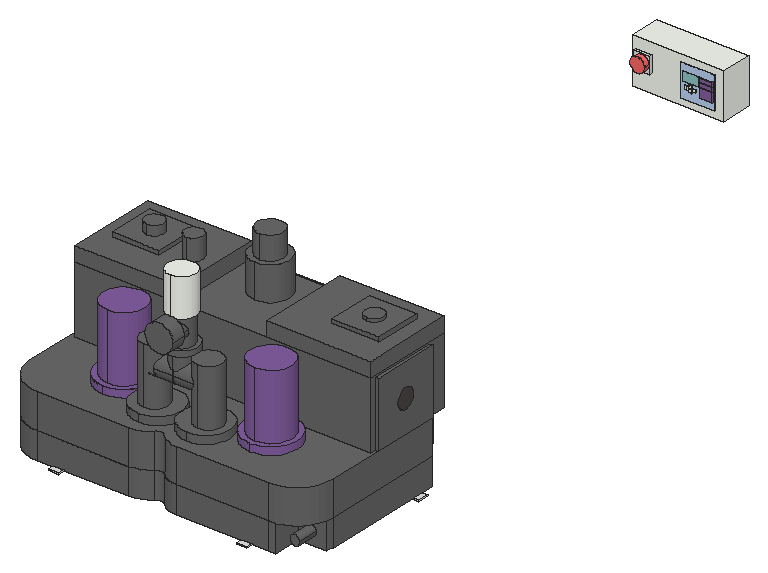
Revit family "11111", category Generic Models, Revit 2021
Family settings
  Can host rebar = No
  Round Connector Dimension = Use Diameter
  Part Type = Normal
  Work Plane-Based = No
  Always vertical = Yes
  Cut with Voids When Loaded = No
  Shared = Yes
  Room Calculation Point = No
Parameters (values of type "11111")
  SUPPLIER = "KESSEL"
  SA700ID49 = "Protection Class I"
  SA700ID48 = "no"
  SA700ID47 = "no"
  SA700ID46 = "yes"
  SA700ID37 = 16000 mm
  SA700ID34 = 47
  SA700ID33 = 3.2 W
  SA700ID32 = 113.59 kg
  SA700ID31 = 1
  SA700ID30 = 2
  SA700ID29 = "GLRD"
  SA700ID21 = 1600
  SA700ID10 = "yes"
  SA700ID08 = 400 V
  PROCUREWEBLINK = "https://p.caden.as/kessel/11111"
  PROCURELINK = "p.caden.as/kessel/11111"
  PROCUREDATALASTUPDATE = "2024-05-22T12:17:46.915503259+01:00"
  PREVIEW = "../../_pool_/b8/24/11111.png"
  PRC_SPECIFICATIONLINK = "https://ausschreiben.de/catalog/kessel/catalogItem/e57fd0fe-626d-4899-b113-3919aff8d454"
  NN = "Lifting station Aqualift F XL"
  NBSYN = "$SA810ID03."
  NB = "11111"
  Model = "11111"
  Manufacturer = "KESSEL"
  MIdent = "{$CADENAS_DATA/23d-libs/kessel/kessel_vdi_import/4/entwaesserung/hebeanlage20aqualift20f20xl.prj},201 {STYP=ASS},{VTYP=3D},{NB=11111},{LINA=11111},{NN=Lifting station Aqualift F XL},{DATE=21.11.2022 10:48:11},{GEOMDATE=21.11.2022 10:48:11},{VERSION=},{LINEID=440},{WBVAR=LODLEVEL},{WBNUMERIC=LODLEVEL}  {NB=11111},{LINA=11111},{KT=DUMMY},{PREVIEW=../../_pool_/b8/24/11111.png},{SA700ID04=Hebeanlage Aqualift F XL 300 l, Duo, SPF 3000-S1, Schieber},{SA810ID06=04026092057780},{SA700ID34=47.00},{SA010ID03=201805},{SA810ID03=11111},{SA810ID10=Aqualift F XL 3000W-S1 Duo 300L m.S.KESSEL Aqualift F XL Hebeanlage für fäkalienhaltiges und fäkalienfreies Abwasser. Zur Aufstellung in frostgeschützten Räumen.Duoanlage mit zwei Pumpen des Typs SPF 3000-S1 Sammelbehälter aus Polyethylen, mit verschraubter Reinigungsöffnung,Anschlussstutzen für Zulauf von oben DN100/150.Inklusive Tauchrohr zur pneumatischen Niveauerfassung,Entlüftungsanschluss DN 70 und Anschluss für eine Handmembranpumpe DN 32.Behälter inklusive Haltewinkel zur Auftriebssicherung.Behältervolumen 300 Liter, max. Nutzvolumen bei Zulauf von oben ca. 175 Liter.Zwei seitliche und drei rückseitige Anbohrflächen zur Montage weiterer Zuläufe bis DN 200 unter Verwendung von Durchgangsdichtungen.Inklusive KESSEL Schaltgerät Aqualift Comfort 400 V.Anwenderfreundliche Menüführung im mehrzeiligem Display. MitSelbstdiagnosesystem (SDS) und Erinnerungsfunktion für nächste Wartung.Anzeige der aktuellen Messwerte. Einfache Einstellung derfunktionsrelevanten Parameter, inklusive Betriebsstundenzähler und potentialfreiem Kontakt. Optionale Weiterleitung von Alarm- und Sammelstörmeldung über GSM Schnittstelle.Schaltgerät mit Volltextanzeige in sechs Sprachen.Abwasserpumpe(n) mit Freistromrad zur Förderung von fäkalienfreiem und fäkalienhaltigem Abwasser gemäß DIN EN 12050-1. Freier Kugeldurchgang mindestens 40 mm. Pumpe(n) überflutungssicher.Inklusive Rückflussverhinderer, mit Druckabgang aus Kunststoff DN 100. Inklusive Absperrschieber.Pumpe(n) Typ SPF 3000-S1Fördermenge: max. 47 m³/hFörderhöhe: max. 16 mNennleistung (P2): 2,7 KW je PumpeAufnahmeleistung (P1): 3,2 KW je PumpeBetriebsspannung: 400 V DSNennfrequenz: 50 HzNennstrom: 5,4 AAbsicherung: 3 x 16 A trägeSchutzart (Pumpe): IP68 3mWS/48hSchutzart (Schaltgerät): IP 65Bertiebsart: S1Kabellänge: 5 mAußenmaße Anlage mit 300 Liter Behälter (BxTxH): 1260 x 760 x 770 mmGewicht ca. 113,59 kg},{SA700ID37=16.00},{SA700ID33=3.20},{SA700ID08=400},{SA700ID30=2},{SA700ID32=113.59},{SA700ID49=Schutzklasse I},{SA700ID50=intern},{SA200ID03=6},{SA250ID03=vertikal},{SA260ID03=Trockenläuferpumpe},{SA350ID03=normalansaugend},{SA400ID03=E-Motor für Drehstrom},{SA460ID03=direkt},{SA500ID03=Kunststoff, Edelstahl},{SA700ID06=100},{SA700ID07=100},{SA700ID09=3/N/PE 400V},{SA700ID10=Ja},{SA700ID11=50},{SA700ID12=IP 68},{SA700ID13=F},{SA700ID15=40},{SA700ID21=1600.00},{SA700ID22=2.70},{SA700ID23=2890},{SA700ID24=2890},{SA700ID26=5.40},{SA700ID27=41.00},{SA700ID28=durchgehend},{SA700ID29=GLRD},{SA700ID31=1},{SA700ID46=ja},{SA700ID47=nein},{SA700ID48=nein},{SA110ID04=Hebeanlage Aqualift F XL},{SA300ID03=einstufig},{SA700ID44=10.00},{SA700ID45=10.00},{SA010ID04=KESSEL AG},{LODLEVEL=200},{LINK=https://www.kessel.de/info?han=11111},{SA970ID01=970},{SA970ID02=7185},{SA970ID03=11111},{SA970ID04=11002617},{SA970ID05=QUAD},{SA970ID06=-655.51},{SA970ID07=-635.99},{SA970ID08=0},{SA970ID09=1},{SA970ID10=0},{SA970ID11=0},{SA970ID12=0},{SA970ID13=1},{SA970ID14=0},{SA970ID15=1311.02},{SA970ID16=785.99},{SA970ID17=818.99},{LODLEVEL_=200,'Low'},{LODLEVEL_DEU=200,'Low'},{LINK_=https://www.kessel.de/info?han=11111},{LINK_DEU=https://www.kessel.de/info?han=11111},{LODLEVEL_3DB=11111_200},{DNIN1=100},{DNIN2=70},{DNIN4=10},{DNIN5=10},{DNIN6=50},{DNIN7=50},{DNIN8=50},{DNIN9=50},{DNOUT1=32},{DNOUT2=100},{DNOUT3=70},{ISD1=96},{ISD2=10},{ISDOUT1=40},{ISDOUT2=85},{ISDOUT3=60},{SA010ID01=010},{SA010ID02=4},{SA010ID06=www.kessel.de},{SA010ID07=www.kessel.de},{SA010ID12=20180713},{SA010ID13=DEU},{SA010ID14=DE},{SA100ID01=100},{SA100ID02=4},{SA100ID04=Entwässerung},{SA110ID01=110},{SA110ID02=6},{SA200ID01=200},{SA200ID02=6},{SA250ID01=250},{SA250ID02=2},{SA260ID01=260},{SA260ID02=2},{SA300ID01=300},{SA300ID02=1},{SA350ID01=350},{SA350ID02=1},{SA400ID01=400},{SA400ID02=2},{SA460ID01=460},{SA460ID02=1},{SA500ID01=500},{SA500ID02=1},{SA700ID01=700},{SA700ID02=78},{SA700ID10_=1},{SA700ID16=0},{SA700ID25=0},{SA700ID46_=1},{SA700ID47_=0},{SA700ID48_=0},{SA700ID49_=1},{SA700ID50_=2},{SA800ID01=800},{SA800ID02=42},{SA810ID01=810},{SA810ID02=78},{SA810ID04=11111},{SA810ID07=78},{SA810ID09=1},{SA810ID14=PCE},{SA810ID15=1},{SA810ID16=NMP},{SA960ID03=78},{SA960ID04=3L},{SA960ID08=https://www.kessel.de/info?han=11111},{SA010ID08=4026092000007},{SA100ID05=Hebeanlage},{SA110ID06=Hebeanlage}"
  LINK = "https://www.kessel.de/info?han=11111"
  LINA = "11111"
  Default Elevation = 0 mm
  CREATOR = "CADENAS GmbH"
  CATALOG = "KESSEL"
  BOMINFO = "LINA"
  ARTICLENO = "NB"
  4.810.00.9 Order quantity (multiplicator) = "1"
  4.810.00.7 Media- connection number = "78"
  4.810.00.6 GTIN number = "04026092057780"
  4.810.00.4 DATANORM number = "11111"
  4.810.00.3 Producer order number = "11111"
  4.710.03.7 Mass (net) = 113.59 kg
  4.710.03.6 Height = 806 mm
  4.710.03.5 Width = 760 mm
  4.710.03.4 Length = 1260 mm
  4.710.03.3 Type of dimensions = "2"
  4.710.02.8 Area of application of wastewater pump = "1"
  4.710.02.6 Duty type = "S1"
  4.710.02.5 Cutting device = "0"
  4.710.02.4 Attached pump control = "1"
  4.710.02.3 Free passage = 40 mm
  4.710.01.6 Option to connect to building automation = "40"
  4.710.01.5 Load regulation = "0"
  4.710.01.4 Designation of closed-loop control = "175"
  4.710.01.3 Identifier for closed-loop control = "300"
  4.700.00.9 Voltage = 0
  4.700.00.8 Nominal connection size on suction side = "100"
  4.700.00.7 Nominal connection size on pressure side = "100"
  4.700.00.6 Type of connection = "100"
  4.700.00.4 Product indentification = "Hebeanlage Aqualift F XL 300 l, Duo, SPF 3000-S1, Schieber"
  4.700.00.28 Motor pump shaft = "durchgehend"
  4.700.00.27 Starting current = 41
  4.700.00.26 Maximum power consumption per pump / drive = 5.4
  4.700.00.25 Minimum speed at internal speed adjustment = 0
  4.700.00.24 Nominal speed / maximum speed n = 48.1667
  4.700.00.23 Nominal speed of motor = 48.1667
  4.700.00.22 Maximum shaft output (P2) per pump/drive = 2.7 W
  4.700.00.16 Maximum temperature of pumped medium = 0 °C
  4.700.00.15 Increased safety class = "40 °C"
  4.700.00.13 Type of protection = "F"
  4.700.00.12 Frequency = 0
  4.700.00.11 Stern-/Dreieck-Anlaufschaltung bei Dreiphasenanschluss oder Drehstrom = "50 Hz"
  4.700.00.10 Phase = "1"
  4.500.00.3 Variant / Variant type / Accessories-name = "Kunststoff, Edelstahl"
  4.460.00.3 Variant / Variant type / Accessories-name = "direkt"
  4.400.00.3 Variant / Variant type / Accessories-name = "E-Motor für Drehstrom"
  4.350.00.3 Variant / Variant type / Accessories-name = "normalansaugend"
  4.300.00.3 Variant / Variant type / Accessories-name = "einstufig"
  4.260.00.3 Variant / Variant type / Accessories-name = "Trockenläuferpumpe"
  4.250.00.3 Variant / Variant type / Accessories-name = "vertikal"
  4.200.00.3 Variant / Variant type / Accessories-name = "6"
  4.110.00.6 Product classification = "Hebeanlage"
  4.110.00.4 Product indentification = "Hebeanlage Aqualift F XL"
  4.100.00.5 Main groups of wares = "Hebeanlage"
  4.100.00.4 Product indentification = "Entwässerung"
  4.010.00.8 Producer ID number = "4026092000007"
  4.010.00.7 Comment = "www.kessel.de"
  4.010.00.6 Web address of the manufacturer = "www.kessel.de"
  4.010.00.4 Manufacturer name = "KESSEL AG"
  4.010.00.3 Date of issuance (month) of guideline = "201805"
  4.010.00.2 Sheet number of the guideline = "4"
  4.010.00.14 Kennungen der Projektländer, für die die Datei gültig ist = "DE"
  4.010.00.13 Sprache der Datei = "DEU"
  4.010.00.12 Stand des Herstellerkatalogs = "20180713"
Reference planes
  plane 1 "Center (Front/Back)": y = 0
  plane 2: z = 0
  plane 3 "Center (Left/Right)": x = 0
Dimensions and locks
  aligned and locked: level to plane 2
Nested families
  nested 1: "11111_content" at (0, 0, 0), type "11111_Content"
  nested 2: "11111_part1_X0Y0" at (1000, 1000, 1200), type "11111_PART1_X0Y0"
  nested 3: "11111_part2_X0Y0" at (0, 0, 0), type "11111_PART2_X0Y0"
Connectors
  electrical at (861, 933, 1201.5)
    settings: on nested 2, index 1, voltage 0 V, apparent load 0 VA, apparent load phase1 0 VA, apparent load phase2 0 VA, apparent load phase3 0 VA, power factor 1, load classification "Other", number of poles 1, system type 31, power factor state 1, is connector primary yes, connector utility no, sub classification motor no, connector description ""
  piping at (0, 0, 771), diameter 100
    settings: on nested 3, index 2, connector inside diameter 609.6 mm, connector length 0 mm, flow factor 0, pipe flow 0.0 L/s, pressure drop 0.0 Pa, fitting loss kfactor 0, connector angle 0.00°, fixture units 0, engagement length 0 mm, angle of deflection 0.00°, flow configuration 0, flow direction 1, fitting loss method 2, system type 8, joint type 0, gender type 0, connector reference index -1, connector utility 0, adjustable connector no, is connector primary yes, connector description ""
  piping at (631, -85, 392), diameter 70
    settings: on nested 3, index 3, connector inside diameter 609.6 mm, connector length 0 mm, flow factor 0, pipe flow 0.0 L/s, pressure drop 0.0 Pa, fitting loss kfactor 0, connector angle 0.00°, fixture units 0, engagement length 0 mm, angle of deflection 0.00°, flow configuration 0, flow direction 0, fitting loss method 2, system type 8, joint type 0, gender type 0, connector reference index -1, connector utility 0, adjustable connector no, is connector primary no, connector description ""
  piping at (358.7, 150.5, 392), diameter 70
    settings: on nested 3, index 4, connector inside diameter 609.6 mm, connector length 0 mm, flow factor 0, pipe flow 0.0 L/s, pressure drop 0.0 Pa, fitting loss kfactor 0, connector angle 0.00°, fixture units 0, engagement length 0 mm, angle of deflection 0.00°, flow configuration 0, flow direction 0, fitting loss method 2, system type 8, joint type 0, gender type 0, connector reference index -1, connector utility 0, adjustable connector no, is connector primary no, connector description ""
  piping at (0, 150.5, 392), diameter 70
    settings: on nested 3, index 5, connector inside diameter 609.6 mm, connector length 0 mm, flow factor 0, pipe flow 0.0 L/s, pressure drop 0.0 Pa, fitting loss kfactor 0, connector angle 0.00°, fixture units 0, engagement length 0 mm, angle of deflection 0.00°, flow configuration 0, flow direction 0, fitting loss method 2, system type 8, joint type 0, gender type 0, connector reference index -1, connector utility 0, adjustable connector no, is connector primary no, connector description ""
  piping at (-357.7, 150.5, 392), diameter 70
    settings: on nested 3, index 6, connector inside diameter 609.6 mm, connector length 0 mm, flow factor 0, pipe flow 0.0 L/s, pressure drop 0.0 Pa, fitting loss kfactor 0, connector angle 0.00°, fixture units 0, engagement length 0 mm, angle of deflection 0.00°, flow configuration 0, flow direction 0, fitting loss method 2, system type 8, joint type 0, gender type 0, connector reference index -1, connector utility 0, adjustable connector no, is connector primary no, connector description ""
  piping at (-630, -85, 392), diameter 70
    settings: on nested 3, index 7, connector inside diameter 609.6 mm, connector length 0 mm, flow factor 0, pipe flow 0.0 L/s, pressure drop 0.0 Pa, fitting loss kfactor 0, connector angle 0.00°, fixture units 0, engagement length 0 mm, angle of deflection 0.00°, flow configuration 0, flow direction 0, fitting loss method 2, system type 8, joint type 0, gender type 0, connector reference index -1, connector utility 0, adjustable connector no, is connector primary no, connector description ""
  piping at (0, -578, 611), diameter 100
    settings: on nested 3, index 8, connector inside diameter 609.6 mm, connector length 0 mm, flow factor 0, pipe flow 0.0 L/s, pressure drop 0.0 Pa, fitting loss kfactor 0, connector angle 0.00°, fixture units 0, engagement length 0 mm, angle of deflection 0.00°, flow configuration 0, flow direction 2, fitting loss method 2, system type 7, joint type 0, gender type 0, connector reference index -1, connector utility 0, adjustable connector no, is connector primary no, connector description ""
  piping at (-269.5, -60, 681), diameter 70
    settings: on nested 3, index 9, connector inside diameter 609.6 mm, connector length 0 mm, flow factor 0, pipe flow 0.0 L/s, pressure drop 0.0 Pa, fitting loss kfactor 0, connector angle 0.00°, fixture units 0, engagement length 0 mm, angle of deflection 0.00°, flow configuration 0, flow direction 2, fitting loss method 2, system type 7, joint type 0, gender type 0, connector reference index -1, connector utility 0, adjustable connector no, is connector primary no, connector description ""
  piping at (565, -575.5, 56), diameter 32
    settings: on nested 3, index 10, connector inside diameter 609.6 mm, connector length 0 mm, flow factor 0, pipe flow 0.0 L/s, pressure drop 0.0 Pa, fitting loss kfactor 0, connector angle 0.00°, fixture units 0, engagement length 0 mm, angle of deflection 0.00°, flow configuration 0, flow direction 2, fitting loss method 2, system type 7, joint type 0, gender type 0, connector reference index -1, connector utility 0, adjustable connector no, is connector primary no, connector description ""
  electrical at (305.4, -376.25, 557)
    settings: on nested 3, index 11, voltage 0 V, apparent load 0 VA, apparent load phase1 0 VA, apparent load phase2 0 VA, apparent load phase3 0 VA, power factor 1, load classification "Other", number of poles 1, system type 31, power factor state 1, is connector primary no, connector utility no, sub classification motor no, connector description ""
  electrical at (-305.4, -376.25, 557)
    settings: on nested 3, index 12, voltage 0 V, apparent load 0 VA, apparent load phase1 0 VA, apparent load phase2 0 VA, apparent load phase3 0 VA, power factor 1, load classification "Other", number of poles 1, system type 31, power factor state 1, is connector primary no, connector utility no, sub classification motor no, connector description ""
  electrical at (-457, -29.5, 650)
    settings: on nested 3, index 13, voltage 0 V, apparent load 0 VA, apparent load phase1 0 VA, apparent load phase2 0 VA, apparent load phase3 0 VA, power factor 1, load classification "Other", number of poles 1, system type 31, power factor state 1, is connector primary no, connector utility no, sub classification motor no, connector description ""
Definition of nested family "11111_part1_X0Y0"
  Parameters (values of type "11111_PART1_X0Y0")
    SUPPLIER = "KESSEL"
    SA700ID49 = "Protection Class I"
    SA700ID48 = "no"
    SA700ID47 = "no"
    SA700ID46 = "yes"
    SA700ID37 = 16000 mm
    SA700ID34 = 47
    SA700ID33 = 3.2 W
    SA700ID32 = 113.59 kg
    SA700ID31 = 1
    SA700ID30 = 2
    SA700ID29 = "GLRD"
    SA700ID21 = 1600
    SA700ID10 = "yes"
    SA700ID08 = 400 V
    PREVIEW = "../../_pool_/b8/24/11111.png"
    NBSYN = "$SA810ID03._PART1"
    NB = "11111_PART1"
    Model = "11111_PART1"
    Manufacturer = "KESSEL"
    MIdent = "{$CADENAS_DATA/23d-libs/kessel/kessel_vdi_import/4/entwaesserung/hebeanlage20aqualift20f20xl.prj},221 {VTYP=3D},{NB=11111_PART1},{LINA=11111_PART1},{NN=Lifting station Aqualift F XL_PART1},{NOPRJ=TRUE},{DATE=21.11.2022 10:48:11},{GEOMDATE=21.11.2022 10:48:11},{VERSION=},{LINEID=440},{WBVAR=LODLEVEL},{WBNUMERIC=LODLEVEL}  {NB=11111_PART1},{LINA=11111_PART1},{KT=DUMMY},{PREVIEW=../../_pool_/b8/24/11111.png},{SA700ID04=Hebeanlage Aqualift F XL 300 l, Duo, SPF 3000-S1, Schieber},{SA810ID06=04026092057780},{SA700ID34=47.00},{SA010ID03=201805},{SA810ID03=11111},{SA810ID10=Aqualift F XL 3000W-S1 Duo 300L m.S.KESSEL Aqualift F XL Hebeanlage für fäkalienhaltiges und fäkalienfreies Abwasser. Zur Aufstellung in frostgeschützten Räumen.Duoanlage mit zwei Pumpen des Typs SPF 3000-S1 Sammelbehälter aus Polyethylen, mit verschraubter Reinigungsöffnung,Anschlussstutzen für Zulauf von oben DN100/150.Inklusive Tauchrohr zur pneumatischen Niveauerfassung,Entlüftungsanschluss DN 70 und Anschluss für eine Handmembranpumpe DN 32.Behälter inklusive Haltewinkel zur Auftriebssicherung.Behältervolumen 300 Liter, max. Nutzvolumen bei Zulauf von oben ca. 175 Liter.Zwei seitliche und drei rückseitige Anbohrflächen zur Montage weiterer Zuläufe bis DN 200 unter Verwendung von Durchgangsdichtungen.Inklusive KESSEL Schaltgerät Aqualift Comfort 400 V.Anwenderfreundliche Menüführung im mehrzeiligem Display. MitSelbstdiagnosesystem (SDS) und Erinnerungsfunktion für nächste Wartung.Anzeige der aktuellen Messwerte. Einfache Einstellung derfunktionsrelevanten Parameter, inklusive Betriebsstundenzähler und potentialfreiem Kontakt. Optionale Weiterleitung von Alarm- und Sammelstörmeldung über GSM Schnittstelle.Schaltgerät mit Volltextanzeige in sechs Sprachen.Abwasserpumpe(n) mit Freistromrad zur Förderung von fäkalienfreiem und fäkalienhaltigem Abwasser gemäß DIN EN 12050-1. Freier Kugeldurchgang mindestens 40 mm. Pumpe(n) überflutungssicher.Inklusive Rückflussverhinderer, mit Druckabgang aus Kunststoff DN 100. Inklusive Absperrschieber.Pumpe(n) Typ SPF 3000-S1Fördermenge: max. 47 m³/hFörderhöhe: max. 16 mNennleistung (P2): 2,7 KW je PumpeAufnahmeleistung (P1): 3,2 KW je PumpeBetriebsspannung: 400 V DSNennfrequenz: 50 HzNennstrom: 5,4 AAbsicherung: 3 x 16 A trägeSchutzart (Pumpe): IP68 3mWS/48hSchutzart (Schaltgerät): IP 65Bertiebsart: S1Kabellänge: 5 mAußenmaße Anlage mit 300 Liter Behälter (BxTxH): 1260 x 760 x 770 mmGewicht ca. 113,59 kg},{SA700ID37=16.00},{SA700ID33=3.20},{SA700ID08=400},{SA700ID30=2},{SA700ID32=113.59},{SA700ID49=Schutzklasse I},{SA700ID50=intern},{SA200ID03=6},{SA250ID03=vertikal},{SA260ID03=Trockenläuferpumpe},{SA350ID03=normalansaugend},{SA400ID03=E-Motor für Drehstrom},{SA460ID03=direkt},{SA500ID03=Kunststoff, Edelstahl},{SA700ID06=100},{SA700ID07=100},{SA700ID09=3/N/PE 400V},{SA700ID10=Ja},{SA700ID11=50},{SA700ID12=IP 68},{SA700ID13=F},{SA700ID15=40},{SA700ID21=1600.00},{SA700ID22=2.70},{SA700ID23=2890},{SA700ID24=2890},{SA700ID26=5.40},{SA700ID27=41.00},{SA700ID28=durchgehend},{SA700ID29=GLRD},{SA700ID31=1},{SA700ID46=ja},{SA700ID47=nein},{SA700ID48=nein},{SA110ID04=Hebeanlage Aqualift F XL},{SA300ID03=einstufig},{SA700ID44=10.00},{SA700ID45=10.00},{SA010ID04=KESSEL AG},{LODLEVEL=200},{LINK=https://www.kessel.de/info?han=11111},{SA970ID01=970},{SA970ID02=7185},{SA970ID03=11111},{SA970ID04=11002617},{SA970ID05=QUAD},{SA970ID06=-655.51},{SA970ID07=-635.99},{SA970ID08=0},{SA970ID09=1},{SA970ID10=0},{SA970ID11=0},{SA970ID12=0},{SA970ID13=1},{SA970ID14=0},{SA970ID15=1311.02},{SA970ID16=785.99},{SA970ID17=818.99},{LODLEVEL_=200,'Low'},{LODLEVEL_DEU=200,'Low'},{LINK_=https://www.kessel.de/info?han=11111},{LINK_DEU=https://www.kessel.de/info?han=11111},{LODLEVEL_3DB=11111_200},{DNIN1=100},{DNIN2=70},{DNIN4=10},{DNIN5=10},{DNIN6=50},{DNIN7=50},{DNIN8=50},{DNIN9=50},{DNOUT1=32},{DNOUT2=100},{DNOUT3=70},{ISD1=96},{ISD2=10},{ISDOUT1=40},{ISDOUT2=85},{ISDOUT3=60},{SA010ID01=010},{SA010ID02=4},{SA010ID06=www.kessel.de},{SA010ID07=www.kessel.de},{SA010ID12=20180713},{SA010ID13=DEU},{SA010ID14=DE},{SA100ID01=100},{SA100ID02=4},{SA100ID04=Entwässerung},{SA110ID01=110},{SA110ID02=6},{SA200ID01=200},{SA200ID02=6},{SA250ID01=250},{SA250ID02=2},{SA260ID01=260},{SA260ID02=2},{SA300ID01=300},{SA300ID02=1},{SA350ID01=350},{SA350ID02=1},{SA400ID01=400},{SA400ID02=2},{SA460ID01=460},{SA460ID02=1},{SA500ID01=500},{SA500ID02=1},{SA700ID01=700},{SA700ID02=78},{SA700ID10_=1},{SA700ID16=0},{SA700ID25=0},{SA700ID46_=1},{SA700ID47_=0},{SA700ID48_=0},{SA700ID49_=1},{SA700ID50_=2},{SA800ID01=800},{SA800ID02=42},{SA810ID01=810},{SA810ID02=78},{SA810ID04=11111},{SA810ID07=78},{SA810ID09=1},{SA810ID14=PCE},{SA810ID15=1},{SA810ID16=NMP},{SA960ID03=78},{SA960ID04=3L},{SA960ID08=https://www.kessel.de/info?han=11111},{SA010ID08=4026092000007},{SA100ID05=Hebeanlage},{SA110ID06=Hebeanlage}"
    LINK = "https://www.kessel.de/info?han=11111"
    LINA = "11111_PART1"
    Default Elevation = 1219.2 mm
    CREATOR = "CADENAS GmbH"
    CATALOG = "KESSEL"
    BOMINFO = "LINA"
    ARTICLENO = "NB"
    4.810.00.9 Order quantity (multiplicator) = "1"
    4.810.00.7 Media- connection number = "78"
    4.810.00.6 GTIN number = "04026092057780"
    4.810.00.4 DATANORM number = "11111"
    4.810.00.3 Producer order number = "11111"
    4.710.03.7 Mass (net) = 113.59 kg
    4.710.03.6 Height = 806 mm
    4.710.03.5 Width = 760 mm
    4.710.03.4 Length = 1260 mm
    4.710.03.3 Type of dimensions = "2"
    4.710.02.8 Area of application of wastewater pump = "1"
    4.710.02.6 Duty type = "S1"
    4.710.02.5 Cutting device = "0"
    4.710.02.4 Attached pump control = "1"
    4.710.02.3 Free passage = 40 mm
    4.710.01.6 Option to connect to building automation = "40"
    4.710.01.5 Load regulation = "0"
    4.710.01.4 Designation of closed-loop control = "175"
    4.710.01.3 Identifier for closed-loop control = "300"
    4.700.00.9 Voltage = 0
    4.700.00.8 Nominal connection size on suction side = "100"
    4.700.00.7 Nominal connection size on pressure side = "100"
    4.700.00.6 Type of connection = "100"
    4.700.00.4 Product indentification = "Hebeanlage Aqualift F XL 300 l, Duo, SPF 3000-S1, Schieber"
    4.700.00.28 Motor pump shaft = "durchgehend"
    4.700.00.27 Starting current = 41
    4.700.00.26 Maximum power consumption per pump / drive = 5.4
    4.700.00.25 Minimum speed at internal speed adjustment = 0
    4.700.00.24 Nominal speed / maximum speed n = 48.1667
    4.700.00.23 Nominal speed of motor = 48.1667
    4.700.00.22 Maximum shaft output (P2) per pump/drive = 2.7 W
    4.700.00.16 Maximum temperature of pumped medium = 0 °C
    4.700.00.15 Increased safety class = "40 °C"
    4.700.00.13 Type of protection = "F"
    4.700.00.12 Frequency = 0
    4.700.00.11 Stern-/Dreieck-Anlaufschaltung bei Dreiphasenanschluss oder Drehstrom = "50 Hz"
    4.700.00.10 Phase = "1"
    4.500.00.3 Variant / Variant type / Accessories-name = "Kunststoff, Edelstahl"
    4.460.00.3 Variant / Variant type / Accessories-name = "direkt"
    4.400.00.3 Variant / Variant type / Accessories-name = "E-Motor für Drehstrom"
    4.350.00.3 Variant / Variant type / Accessories-name = "normalansaugend"
    4.300.00.3 Variant / Variant type / Accessories-name = "einstufig"
    4.260.00.3 Variant / Variant type / Accessories-name = "Trockenläuferpumpe"
    4.250.00.3 Variant / Variant type / Accessories-name = "vertikal"
    4.200.00.3 Variant / Variant type / Accessories-name = "6"
    4.110.00.6 Product classification = "Hebeanlage"
    4.110.00.4 Product indentification = "Hebeanlage Aqualift F XL"
    4.100.00.5 Main groups of wares = "Hebeanlage"
    4.100.00.4 Product indentification = "Entwässerung"
    4.010.00.8 Producer ID number = "4026092000007"
    4.010.00.7 Comment = "www.kessel.de"
    4.010.00.6 Web address of the manufacturer = "www.kessel.de"
    4.010.00.4 Manufacturer name = "KESSEL AG"
    4.010.00.3 Date of issuance (month) of guideline = "201805"
    4.010.00.2 Sheet number of the guideline = "4"
    4.010.00.14 Kennungen der Projektländer, für die die Datei gültig ist = "DE"
    4.010.00.13 Sprache der Datei = "DEU"
    4.010.00.12 Stand des Herstellerkatalogs = "20180713"
  Reference planes
    plane 1 "Center (Front/Back)": y = 0
    plane 2: z = 0
    plane 3 "Center (Left/Right)": x = 0
  Dimensions and locks
    aligned and locked: level to plane 2
  Nested families
    nested 1: "11111_part1_content" at (0, 0, 0), type "11111_PART1_Content"
  Definition of nested family "11111_part1_content"
    Parameters (values of type "11111_PART1_Content")
      SUPPLIER = "KESSEL"
      SA700ID49 = "Protection Class I"
      SA700ID48 = "no"
      SA700ID47 = "no"
      SA700ID46 = "yes"
      SA700ID37 = 16000 mm
      SA700ID34 = 47
      SA700ID33 = 3.2 W
      SA700ID32 = 113.59 kg
      SA700ID31 = 1
      SA700ID30 = 2
      SA700ID29 = "GLRD"
      SA700ID21 = 1600
      SA700ID10 = "yes"
      SA700ID08 = 400 V
      PREVIEW = "../../_pool_/b8/24/11111.png"
      NBSYN = "$SA810ID03._PART1"
      NB = "11111_PART1"
      Model = "11111_PART1"
      Manufacturer = "KESSEL"
      LINK = "https://www.kessel.de/info?han=11111"
      LINA = "11111_PART1"
      Default Elevation = 1219.2 mm
      CREATOR = "CADENAS GmbH"
      CATALOG = "KESSEL"
      BOMINFO = "LINA"
      ARTICLENO = "NB"
      4.810.00.9 Order quantity (multiplicator) = "1"
      4.810.00.7 Media- connection number = "78"
      4.810.00.6 GTIN number = "04026092057780"
      4.810.00.4 DATANORM number = "11111"
      4.810.00.3 Producer order number = "11111"
      4.710.03.7 Mass (net) = 113.59 kg
      4.710.03.6 Height = 806 mm
      4.710.03.5 Width = 760 mm
      4.710.03.4 Length = 1260 mm
      4.710.03.3 Type of dimensions = "2"
      4.710.02.8 Area of application of wastewater pump = "1"
      4.710.02.6 Duty type = "S1"
      4.710.02.5 Cutting device = "0"
      4.710.02.4 Attached pump control = "1"
      4.710.02.3 Free passage = 40 mm
      4.710.01.6 Option to connect to building automation = "40"
      4.710.01.5 Load regulation = "0"
      4.710.01.4 Designation of closed-loop control = "175"
      4.710.01.3 Identifier for closed-loop control = "300"
      4.700.00.9 Voltage = 0
      4.700.00.8 Nominal connection size on suction side = "100"
      4.700.00.7 Nominal connection size on pressure side = "100"
      4.700.00.6 Type of connection = "100"
      4.700.00.4 Product indentification = "Hebeanlage Aqualift F XL 300 l, Duo, SPF 3000-S1, Schieber"
      4.700.00.28 Motor pump shaft = "durchgehend"
      4.700.00.27 Starting current = 41
      4.700.00.26 Maximum power consumption per pump / drive = 5.4
      4.700.00.25 Minimum speed at internal speed adjustment = 0
      4.700.00.24 Nominal speed / maximum speed n = 48.1667
      4.700.00.23 Nominal speed of motor = 48.1667
      4.700.00.22 Maximum shaft output (P2) per pump/drive = 2.7 W
      4.700.00.16 Maximum temperature of pumped medium = 0 °C
      4.700.00.15 Increased safety class = "40 °C"
      4.700.00.13 Type of protection = "F"
      4.700.00.12 Frequency = 0
      4.700.00.11 Stern-/Dreieck-Anlaufschaltung bei Dreiphasenanschluss oder Drehstrom = "50 Hz"
      4.700.00.10 Phase = "1"
      4.500.00.3 Variant / Variant type / Accessories-name = "Kunststoff, Edelstahl"
      4.460.00.3 Variant / Variant type / Accessories-name = "direkt"
      4.400.00.3 Variant / Variant type / Accessories-name = "E-Motor für Drehstrom"
      4.350.00.3 Variant / Variant type / Accessories-name = "normalansaugend"
      4.300.00.3 Variant / Variant type / Accessories-name = "einstufig"
      4.260.00.3 Variant / Variant type / Accessories-name = "Trockenläuferpumpe"
      4.250.00.3 Variant / Variant type / Accessories-name = "vertikal"
      4.200.00.3 Variant / Variant type / Accessories-name = "6"
      4.110.00.6 Product classification = "Hebeanlage"
      4.110.00.4 Product indentification = "Hebeanlage Aqualift F XL"
      4.100.00.5 Main groups of wares = "Hebeanlage"
      4.100.00.4 Product indentification = "Entwässerung"
      4.010.00.8 Producer ID number = "4026092000007"
      4.010.00.7 Comment = "www.kessel.de"
      4.010.00.6 Web address of the manufacturer = "www.kessel.de"
      4.010.00.4 Manufacturer name = "KESSEL AG"
      4.010.00.3 Date of issuance (month) of guideline = "201805"
      4.010.00.2 Sheet number of the guideline = "4"
      4.010.00.14 Kennungen der Projektländer, für die die Datei gültig ist = "DE"
      4.010.00.13 Sprache der Datei = "DEU"
      4.010.00.12 Stand des Herstellerkatalogs = "20180713"
    Reference planes
      plane 1 "Center (Front/Back)": y = 0
      plane 2: z = 0
      plane 3 "Center (Left/Right)": x = 0
    Forms (mm)
      Extrusion 1, solid, detail levels medium+fine
        sketch origin (189.25, -1.75, 0.2) x (0, -1, 0) y (0, 0, 1)
          loop
            line (0, 187.8) -> (0, 0) -> (127.75, 0) -> (127.75, 187.8) -> (0, 187.8)
        from 0 to 378.5
      Extrusion 2, solid, detail levels medium+fine
        sketch origin (-4, -67, 0) x (0, 1, 0) y (-1, 0, 0)
          loop
            circle (0, 0) r 12.5
        from 0 to 1.5
      Extrusion 3, solid, detail levels medium+fine
        sketch origin (150.8, -129.5, 26.5) x (0, -1, 0) y (0, 0, 1)
          loop
            line (-1.2, 134.8) -> (-1.2, 0) -> (0.25, 0) -> (0.25, 134.8) -> (-1.2, 134.8)
        from 0 to 139.9
      Extrusion 4, solid, detail levels medium+fine
        sketch origin (72.55, -129.75, 66) x (0, -1, 0) y (0, 0, 1)
          loop
            line (-1, 12) -> (-1, 0) -> (0.5, 0) -> (0.5, 12) -> (-1, 12)
        from 0 to 12
      Extrusion 5, solid, detail levels medium+fine
        sketch origin (84.45, -129.75, 93.4) x (0, -1, 0) y (0, 0, 1)
          loop
            line (-1, 37) -> (-1, 0) -> (0.5, 0) -> (0.5, 37) -> (-1, 37)
        from 0 to 66
      Extrusion 6, solid, detail levels medium+fine
        sketch origin (55.3, -129.75, 74) x (0, -1, 0) y (0, 0, 1)
          loop
            line (-1, 12) -> (-1, 0) -> (0.5, 0) -> (0.5, 12) -> (-1, 12)
        from 0 to 12
      Extrusion 7, solid, detail levels medium+fine
        sketch origin (143.3, -129.75, 94.4) x (0, -1, 0) y (0, 0, 1)
          loop
            line (0, 16) -> (0, 0) -> (1.75, 0) -> (1.75, 16) -> (0, 16)
        from 0 to 51
      Extrusion 8, solid, detail levels medium+fine
        sketch origin (143.3, -129.75, 54.4) x (0, -1, 0) y (0, 0, 1)
          loop
            line (0, 36) -> (0, 0) -> (1.75, 0) -> (1.75, 36) -> (0, 36)
        from 0 to 51
      Extrusion 9, solid, detail levels medium+fine
        sketch origin (55.3, -129.75, 57.5) x (0, -1, 0) y (0, 0, 1)
          loop
            line (-1, 12) -> (-1, 0) -> (0.5, 0) -> (0.5, 12) -> (-1, 12)
        from 0 to 12
      Extrusion 10, solid, detail levels medium+fine
        sketch origin (143.3, -129.75, 114.4) x (0, -1, 0) y (0, 0, 1)
          loop
            line (0, 16) -> (0, 0) -> (1.75, 0) -> (1.75, 16) -> (0, 16)
        from 0 to 51
      Extrusion 11, solid, detail levels medium+fine
        sketch origin (38.05, -129.75, 66) x (0, -1, 0) y (0, 0, 1)
          loop
            line (-1, 12) -> (-1, 0) -> (0.5, 0) -> (0.5, 12) -> (-1, 12)
        from 0 to 12
      Extrusion 12, solid, detail levels medium+fine
        sketch origin (47, -72, 0) x (0, 1, 0) y (-1, 0, 0)
          loop
            circle (0, 0) r 8
        from 0 to 1.5
      Extrusion 13, solid, detail levels medium+fine
        sketch origin (47, -42, 0) x (0, 1, 0) y (-1, 0, 0)
          loop
            circle (0, 0) r 5.25
        from 0 to 1.5
      Extrusion 14, solid, detail levels medium+fine
        sketch origin (77, -72, 0) x (0, 1, 0) y (-1, 0, 0)
          loop
            circle (0, 0) r 8
        from 0 to 1.5
      Extrusion 15, solid, detail levels medium+fine
        sketch origin (-94, -67, 0) x (0, 1, 0) y (-1, 0, 0)
          loop
            circle (0, 0) r 12.5
        from 0 to 1.5
      Extrusion 16, solid, detail levels medium+fine
        sketch origin (92, -42, 0) x (0, 1, 0) y (-1, 0, 0)
          loop
            circle (0, 0) r 8
        from 0 to 1.5
      Extrusion 17, solid, detail levels medium+fine
        sketch origin (107, -72, 0) x (0, 1, 0) y (-1, 0, 0)
          loop
            circle (0, 0) r 8
        from 0 to 1.5
      Extrusion 18, solid, detail levels medium+fine
        sketch origin (122, -42, 0) x (0, 1, 0) y (-1, 0, 0)
          loop
            circle (0, 0) r 8
        from 0 to 1.5
      Extrusion 19, solid, detail levels medium+fine
        sketch origin (-107.7, -129.5, 76.9) x (0, -1, 0) y (0, 0, 1)
          loop
            line (0, 67) -> (0, 0) -> (14, 0) -> (14, 67) -> (0, 67)
        from 0 to 67
      Extrusion 20, solid, detail levels medium+fine
        sketch origin (-141.2, -143.5, 110.4) x (1, 0, 0) y (0, 0, 1)
          loop
            circle (0, 0) r 30
        from 0 to 22
      Extrusion 21, solid, detail levels medium+fine
        sketch origin (127, -15, 0) x (0, 1, 0) y (-1, 0, 0)
          loop
            circle (0, 0) r 6
        from 0 to 1.5
      Extrusion 22, solid, detail levels medium+fine
        sketch origin (137, -72, 0) x (0, 1, 0) y (-1, 0, 0)
          loop
            circle (0, 0) r 8
        from 0 to 1.5
      Extrusion 23, solid, detail levels medium+fine
        sketch origin (-139, -67, 0) x (0, 1, 0) y (-1, 0, 0)
          loop
            circle (0, 0) r 12.5
        from 0 to 1.5
      Extrusion 24, solid, detail levels medium+fine
        sketch origin (152, -42, 0) x (0, 1, 0) y (-1, 0, 0)
          loop
            circle (0, 0) r 8
        from 0 to 1.5
      Extrusion 25, solid, detail levels coarse
        sketch origin (0, -83.625, 0) x (1, 0, 0) y (0, 1, 0)
          loop
            line (-189.25, -81.875) -> (189.25, -81.875) -> (189.25, 81.875) -> (-189.25, 81.875) -> (-189.25, -81.875)
        from 0 to 188
    Dimensions and locks
      aligned and locked: level to plane 2
Definition of nested family "11111_part2_X0Y0"
  Parameters (values of type "11111_PART2_X0Y0")
    SUPPLIER = "KESSEL"
    SA700ID49 = "Protection Class I"
    SA700ID48 = "no"
    SA700ID47 = "no"
    SA700ID46 = "yes"
    SA700ID37 = 16000 mm
    SA700ID34 = 47
    SA700ID33 = 3.2 W
    SA700ID32 = 113.59 kg
    SA700ID31 = 1
    SA700ID30 = 2
    SA700ID29 = "GLRD"
    SA700ID21 = 1600
    SA700ID10 = "yes"
    SA700ID08 = 400 V
    PREVIEW = "../../_pool_/b8/24/11111.png"
    NBSYN = "$SA810ID03._PART2"
    NB = "11111_PART2"
    Model = "11111_PART2"
    Manufacturer = "KESSEL"
    MIdent = "{$CADENAS_DATA/23d-libs/kessel/kessel_vdi_import/4/entwaesserung/hebeanlage20aqualift20f20xl.prj},221 {VTYP=3D},{NB=11111_PART2},{LINA=11111_PART2},{NN=Lifting station Aqualift F XL_PART2},{NOPRJ=TRUE},{DATE=21.11.2022 10:48:11},{GEOMDATE=21.11.2022 10:48:11},{VERSION=},{LINEID=440},{WBVAR=LODLEVEL},{WBNUMERIC=LODLEVEL}  {NB=11111_PART2},{LINA=11111_PART2},{KT=DUMMY},{PREVIEW=../../_pool_/b8/24/11111.png},{SA700ID04=Hebeanlage Aqualift F XL 300 l, Duo, SPF 3000-S1, Schieber},{SA810ID06=04026092057780},{SA700ID34=47.00},{SA010ID03=201805},{SA810ID03=11111},{SA810ID10=Aqualift F XL 3000W-S1 Duo 300L m.S.KESSEL Aqualift F XL Hebeanlage für fäkalienhaltiges und fäkalienfreies Abwasser. Zur Aufstellung in frostgeschützten Räumen.Duoanlage mit zwei Pumpen des Typs SPF 3000-S1 Sammelbehälter aus Polyethylen, mit verschraubter Reinigungsöffnung,Anschlussstutzen für Zulauf von oben DN100/150.Inklusive Tauchrohr zur pneumatischen Niveauerfassung,Entlüftungsanschluss DN 70 und Anschluss für eine Handmembranpumpe DN 32.Behälter inklusive Haltewinkel zur Auftriebssicherung.Behältervolumen 300 Liter, max. Nutzvolumen bei Zulauf von oben ca. 175 Liter.Zwei seitliche und drei rückseitige Anbohrflächen zur Montage weiterer Zuläufe bis DN 200 unter Verwendung von Durchgangsdichtungen.Inklusive KESSEL Schaltgerät Aqualift Comfort 400 V.Anwenderfreundliche Menüführung im mehrzeiligem Display. MitSelbstdiagnosesystem (SDS) und Erinnerungsfunktion für nächste Wartung.Anzeige der aktuellen Messwerte. Einfache Einstellung derfunktionsrelevanten Parameter, inklusive Betriebsstundenzähler und potentialfreiem Kontakt. Optionale Weiterleitung von Alarm- und Sammelstörmeldung über GSM Schnittstelle.Schaltgerät mit Volltextanzeige in sechs Sprachen.Abwasserpumpe(n) mit Freistromrad zur Förderung von fäkalienfreiem und fäkalienhaltigem Abwasser gemäß DIN EN 12050-1. Freier Kugeldurchgang mindestens 40 mm. Pumpe(n) überflutungssicher.Inklusive Rückflussverhinderer, mit Druckabgang aus Kunststoff DN 100. Inklusive Absperrschieber.Pumpe(n) Typ SPF 3000-S1Fördermenge: max. 47 m³/hFörderhöhe: max. 16 mNennleistung (P2): 2,7 KW je PumpeAufnahmeleistung (P1): 3,2 KW je PumpeBetriebsspannung: 400 V DSNennfrequenz: 50 HzNennstrom: 5,4 AAbsicherung: 3 x 16 A trägeSchutzart (Pumpe): IP68 3mWS/48hSchutzart (Schaltgerät): IP 65Bertiebsart: S1Kabellänge: 5 mAußenmaße Anlage mit 300 Liter Behälter (BxTxH): 1260 x 760 x 770 mmGewicht ca. 113,59 kg},{SA700ID37=16.00},{SA700ID33=3.20},{SA700ID08=400},{SA700ID30=2},{SA700ID32=113.59},{SA700ID49=Schutzklasse I},{SA700ID50=intern},{SA200ID03=6},{SA250ID03=vertikal},{SA260ID03=Trockenläuferpumpe},{SA350ID03=normalansaugend},{SA400ID03=E-Motor für Drehstrom},{SA460ID03=direkt},{SA500ID03=Kunststoff, Edelstahl},{SA700ID06=100},{SA700ID07=100},{SA700ID09=3/N/PE 400V},{SA700ID10=Ja},{SA700ID11=50},{SA700ID12=IP 68},{SA700ID13=F},{SA700ID15=40},{SA700ID21=1600.00},{SA700ID22=2.70},{SA700ID23=2890},{SA700ID24=2890},{SA700ID26=5.40},{SA700ID27=41.00},{SA700ID28=durchgehend},{SA700ID29=GLRD},{SA700ID31=1},{SA700ID46=ja},{SA700ID47=nein},{SA700ID48=nein},{SA110ID04=Hebeanlage Aqualift F XL},{SA300ID03=einstufig},{SA700ID44=10.00},{SA700ID45=10.00},{SA010ID04=KESSEL AG},{LODLEVEL=200},{LINK=https://www.kessel.de/info?han=11111},{SA970ID01=970},{SA970ID02=7185},{SA970ID03=11111},{SA970ID04=11002617},{SA970ID05=QUAD},{SA970ID06=-655.51},{SA970ID07=-635.99},{SA970ID08=0},{SA970ID09=1},{SA970ID10=0},{SA970ID11=0},{SA970ID12=0},{SA970ID13=1},{SA970ID14=0},{SA970ID15=1311.02},{SA970ID16=785.99},{SA970ID17=818.99},{LODLEVEL_=200,'Low'},{LODLEVEL_DEU=200,'Low'},{LINK_=https://www.kessel.de/info?han=11111},{LINK_DEU=https://www.kessel.de/info?han=11111},{LODLEVEL_3DB=11111_200},{DNIN1=100},{DNIN2=70},{DNIN4=10},{DNIN5=10},{DNIN6=50},{DNIN7=50},{DNIN8=50},{DNIN9=50},{DNOUT1=32},{DNOUT2=100},{DNOUT3=70},{ISD1=96},{ISD2=10},{ISDOUT1=40},{ISDOUT2=85},{ISDOUT3=60},{SA010ID01=010},{SA010ID02=4},{SA010ID06=www.kessel.de},{SA010ID07=www.kessel.de},{SA010ID12=20180713},{SA010ID13=DEU},{SA010ID14=DE},{SA100ID01=100},{SA100ID02=4},{SA100ID04=Entwässerung},{SA110ID01=110},{SA110ID02=6},{SA200ID01=200},{SA200ID02=6},{SA250ID01=250},{SA250ID02=2},{SA260ID01=260},{SA260ID02=2},{SA300ID01=300},{SA300ID02=1},{SA350ID01=350},{SA350ID02=1},{SA400ID01=400},{SA400ID02=2},{SA460ID01=460},{SA460ID02=1},{SA500ID01=500},{SA500ID02=1},{SA700ID01=700},{SA700ID02=78},{SA700ID10_=1},{SA700ID16=0},{SA700ID25=0},{SA700ID46_=1},{SA700ID47_=0},{SA700ID48_=0},{SA700ID49_=1},{SA700ID50_=2},{SA800ID01=800},{SA800ID02=42},{SA810ID01=810},{SA810ID02=78},{SA810ID04=11111},{SA810ID07=78},{SA810ID09=1},{SA810ID14=PCE},{SA810ID15=1},{SA810ID16=NMP},{SA960ID03=78},{SA960ID04=3L},{SA960ID08=https://www.kessel.de/info?han=11111},{SA010ID08=4026092000007},{SA100ID05=Hebeanlage},{SA110ID06=Hebeanlage}"
    LINK = "https://www.kessel.de/info?han=11111"
    LINA = "11111_PART2"
    Default Elevation = 1219.2 mm
    CREATOR = "CADENAS GmbH"
    CATALOG = "KESSEL"
    BOMINFO = "LINA"
    ARTICLENO = "NB"
    4.810.00.9 Order quantity (multiplicator) = "1"
    4.810.00.7 Media- connection number = "78"
    4.810.00.6 GTIN number = "04026092057780"
    4.810.00.4 DATANORM number = "11111"
    4.810.00.3 Producer order number = "11111"
    4.710.03.7 Mass (net) = 113.59 kg
    4.710.03.6 Height = 806 mm
    4.710.03.5 Width = 760 mm
    4.710.03.4 Length = 1260 mm
    4.710.03.3 Type of dimensions = "2"
    4.710.02.8 Area of application of wastewater pump = "1"
    4.710.02.6 Duty type = "S1"
    4.710.02.5 Cutting device = "0"
    4.710.02.4 Attached pump control = "1"
    4.710.02.3 Free passage = 40 mm
    4.710.01.6 Option to connect to building automation = "40"
    4.710.01.5 Load regulation = "0"
    4.710.01.4 Designation of closed-loop control = "175"
    4.710.01.3 Identifier for closed-loop control = "300"
    4.700.00.9 Voltage = 0
    4.700.00.8 Nominal connection size on suction side = "100"
    4.700.00.7 Nominal connection size on pressure side = "100"
    4.700.00.6 Type of connection = "100"
    4.700.00.4 Product indentification = "Hebeanlage Aqualift F XL 300 l, Duo, SPF 3000-S1, Schieber"
    4.700.00.28 Motor pump shaft = "durchgehend"
    4.700.00.27 Starting current = 41
    4.700.00.26 Maximum power consumption per pump / drive = 5.4
    4.700.00.25 Minimum speed at internal speed adjustment = 0
    4.700.00.24 Nominal speed / maximum speed n = 48.1667
    4.700.00.23 Nominal speed of motor = 48.1667
    4.700.00.22 Maximum shaft output (P2) per pump/drive = 2.7 W
    4.700.00.16 Maximum temperature of pumped medium = 0 °C
    4.700.00.15 Increased safety class = "40 °C"
    4.700.00.13 Type of protection = "F"
    4.700.00.12 Frequency = 0
    4.700.00.11 Stern-/Dreieck-Anlaufschaltung bei Dreiphasenanschluss oder Drehstrom = "50 Hz"
    4.700.00.10 Phase = "1"
    4.500.00.3 Variant / Variant type / Accessories-name = "Kunststoff, Edelstahl"
    4.460.00.3 Variant / Variant type / Accessories-name = "direkt"
    4.400.00.3 Variant / Variant type / Accessories-name = "E-Motor für Drehstrom"
    4.350.00.3 Variant / Variant type / Accessories-name = "normalansaugend"
    4.300.00.3 Variant / Variant type / Accessories-name = "einstufig"
    4.260.00.3 Variant / Variant type / Accessories-name = "Trockenläuferpumpe"
    4.250.00.3 Variant / Variant type / Accessories-name = "vertikal"
    4.200.00.3 Variant / Variant type / Accessories-name = "6"
    4.110.00.6 Product classification = "Hebeanlage"
    4.110.00.4 Product indentification = "Hebeanlage Aqualift F XL"
    4.100.00.5 Main groups of wares = "Hebeanlage"
    4.100.00.4 Product indentification = "Entwässerung"
    4.010.00.8 Producer ID number = "4026092000007"
    4.010.00.7 Comment = "www.kessel.de"
    4.010.00.6 Web address of the manufacturer = "www.kessel.de"
    4.010.00.4 Manufacturer name = "KESSEL AG"
    4.010.00.3 Date of issuance (month) of guideline = "201805"
    4.010.00.2 Sheet number of the guideline = "4"
    4.010.00.14 Kennungen der Projektländer, für die die Datei gültig ist = "DE"
    4.010.00.13 Sprache der Datei = "DEU"
    4.010.00.12 Stand des Herstellerkatalogs = "20180713"
  Reference planes
    plane 1 "Center (Front/Back)": y = 0
    plane 2: z = 0
    plane 3 "Center (Left/Right)": x = 0
  Dimensions and locks
    aligned and locked: level to plane 2
  Nested families
    nested 1: "11111_part2_content" at (0, 0, 0), type "11111_PART2_Content"
  Definition of nested family "11111_part2_content"
    Parameters (values of type "11111_PART2_Content")
      SUPPLIER = "KESSEL"
      SA700ID49 = "Protection Class I"
      SA700ID48 = "no"
      SA700ID47 = "no"
      SA700ID46 = "yes"
      SA700ID37 = 16000 mm
      SA700ID34 = 47
      SA700ID33 = 3.2 W
      SA700ID32 = 113.59 kg
      SA700ID31 = 1
      SA700ID30 = 2
      SA700ID29 = "GLRD"
      SA700ID21 = 1600
      SA700ID10 = "yes"
      SA700ID08 = 400 V
      PREVIEW = "../../_pool_/b8/24/11111.png"
      NBSYN = "$SA810ID03._PART2"
      NB = "11111_PART2"
      Model = "11111_PART2"
      Manufacturer = "KESSEL"
      LINK = "https://www.kessel.de/info?han=11111"
      LINA = "11111_PART2"
      Default Elevation = 1219.2 mm
      CREATOR = "CADENAS GmbH"
      CATALOG = "KESSEL"
      BOMINFO = "LINA"
      ARTICLENO = "NB"
      4.810.00.9 Order quantity (multiplicator) = "1"
      4.810.00.7 Media- connection number = "78"
      4.810.00.6 GTIN number = "04026092057780"
      4.810.00.4 DATANORM number = "11111"
      4.810.00.3 Producer order number = "11111"
      4.710.03.7 Mass (net) = 113.59 kg
      4.710.03.6 Height = 806 mm
      4.710.03.5 Width = 760 mm
      4.710.03.4 Length = 1260 mm
      4.710.03.3 Type of dimensions = "2"
      4.710.02.8 Area of application of wastewater pump = "1"
      4.710.02.6 Duty type = "S1"
      4.710.02.5 Cutting device = "0"
      4.710.02.4 Attached pump control = "1"
      4.710.02.3 Free passage = 40 mm
      4.710.01.6 Option to connect to building automation = "40"
      4.710.01.5 Load regulation = "0"
      4.710.01.4 Designation of closed-loop control = "175"
      4.710.01.3 Identifier for closed-loop control = "300"
      4.700.00.9 Voltage = 0
      4.700.00.8 Nominal connection size on suction side = "100"
      4.700.00.7 Nominal connection size on pressure side = "100"
      4.700.00.6 Type of connection = "100"
      4.700.00.4 Product indentification = "Hebeanlage Aqualift F XL 300 l, Duo, SPF 3000-S1, Schieber"
      4.700.00.28 Motor pump shaft = "durchgehend"
      4.700.00.27 Starting current = 41
      4.700.00.26 Maximum power consumption per pump / drive = 5.4
      4.700.00.25 Minimum speed at internal speed adjustment = 0
      4.700.00.24 Nominal speed / maximum speed n = 48.1667
      4.700.00.23 Nominal speed of motor = 48.1667
      4.700.00.22 Maximum shaft output (P2) per pump/drive = 2.7 W
      4.700.00.16 Maximum temperature of pumped medium = 0 °C
      4.700.00.15 Increased safety class = "40 °C"
      4.700.00.13 Type of protection = "F"
      4.700.00.12 Frequency = 0
      4.700.00.11 Stern-/Dreieck-Anlaufschaltung bei Dreiphasenanschluss oder Drehstrom = "50 Hz"
      4.700.00.10 Phase = "1"
      4.500.00.3 Variant / Variant type / Accessories-name = "Kunststoff, Edelstahl"
      4.460.00.3 Variant / Variant type / Accessories-name = "direkt"
      4.400.00.3 Variant / Variant type / Accessories-name = "E-Motor für Drehstrom"
      4.350.00.3 Variant / Variant type / Accessories-name = "normalansaugend"
      4.300.00.3 Variant / Variant type / Accessories-name = "einstufig"
      4.260.00.3 Variant / Variant type / Accessories-name = "Trockenläuferpumpe"
      4.250.00.3 Variant / Variant type / Accessories-name = "vertikal"
      4.200.00.3 Variant / Variant type / Accessories-name = "6"
      4.110.00.6 Product classification = "Hebeanlage"
      4.110.00.4 Product indentification = "Hebeanlage Aqualift F XL"
      4.100.00.5 Main groups of wares = "Hebeanlage"
      4.100.00.4 Product indentification = "Entwässerung"
      4.010.00.8 Producer ID number = "4026092000007"
      4.010.00.7 Comment = "www.kessel.de"
      4.010.00.6 Web address of the manufacturer = "www.kessel.de"
      4.010.00.4 Manufacturer name = "KESSEL AG"
      4.010.00.3 Date of issuance (month) of guideline = "201805"
      4.010.00.2 Sheet number of the guideline = "4"
      4.010.00.14 Kennungen der Projektländer, für die die Datei gültig ist = "DE"
      4.010.00.13 Sprache der Datei = "DEU"
      4.010.00.12 Stand des Herstellerkatalogs = "20180713"
    Reference planes
      plane 1 "Center (Front/Back)": y = 0
      plane 2: z = 0
      plane 3 "Center (Left/Right)": x = 0
    Forms (mm)
      Extrusion 1, solid, detail levels medium+fine
        sketch origin (0, -460, 112.5) x (1, 0, 0) y (0, 1, 0)
          loop
            arc (-629.5, 0) -> (-585.566, -106.066) -> (-479.5, -150) r 150
            line (-479.5, -150) -> (-99.995, -150)
            arc (-99.995, -150) -> (-57.127, -141.301) -> (-21.04, -116.58) r 109.976
            arc (-21.04, -116.58) -> (0.5, -107.47) -> (22.04, -116.58) r 30.02
            arc (22.04, -116.58) -> (58.127, -141.301) -> (100.995, -150) r 109.976
            line (100.995, -150) -> (480.5, -150)
            arc (480.5, -150) -> (586.566, -106.066) -> (630.5, 0) r 150
            line (630.5, 0) -> (630.5, 512.55) -> (622.17, 517.91)
            arc (622.17, 517.91) -> (590.244, 558.152) -> (542.55, 577.23) r 99.983
            line (542.55, 577.23) -> (499.4, 582.28) -> (499.4, 600) -> (-498.4, 600) -> (-498.4, 582.28) -> (-541.55, 577.23)
            arc (-541.55, 577.23) -> (-589.244, 558.152) -> (-621.17, 517.91) r 99.983
            line (-621.17, 517.91) -> (-629.5, 512.55) -> (-629.5, 0)
        from 0 to 143.5
      Extrusion 2, solid, detail levels medium+fine
        sketch origin (0.5, -460, 1) x (1, 0, 0) y (0, 1, 0)
          loop
            arc (-630, 0) -> (-586.066, -106.066) -> (-480, -150) r 150
            line (-480, -150) -> (-100.495, -150)
            arc (-100.495, -150) -> (-57.627, -141.301) -> (-21.54, -116.58) r 109.976
            arc (-21.54, -116.58) -> (0, -107.47) -> (21.54, -116.58) r 30.02
            line (21.54, -116.58) -> (23.04, -118.1)
            arc (23.04, -118.1) -> (58.613, -141.713) -> (100.498, -150) r 109.99
            line (100.498, -150) -> (480, -150)
            arc (480, -150) -> (494.569, -149.291) -> (509, -147.17) r 150.003
            line (509, -147.17) -> (509, -32) -> (626.55, -32)
            arc (626.55, -32) -> (629.134, -16.093) -> (630, 0) r 150.261
            line (630, 0) -> (630, 512.55) -> (621.67, 517.91)
            arc (621.67, 517.91) -> (589.744, 558.152) -> (542.05, 577.23) r 99.983
            line (542.05, 577.23) -> (498.9, 582.28) -> (498.9, 600) -> (-498.9, 600) -> (-498.9, 582.28) -> (-542.05, 577.23)
            arc (-542.05, 577.23) -> (-589.744, 558.152) -> (-621.67, 517.91) r 99.983
            line (-621.67, 517.91) -> (-630, 512.55) -> (-630, 0)
        from 0 to 111.5
      Extrusion 3, solid, detail levels medium+fine
        sketch origin (100, -460, 256) x (0, 1, 0) y (-1, 0, 0)
          loop
            circle (0, 0) r 100
        from 0 to 32
      Extrusion 4, solid, detail levels medium+fine
        sketch origin (112, -460, 288) x (0, 1, 0) y (-1, 0, 0)
          loop
            circle (0, 0) r 56
        from 0 to 234
      Extrusion 5, solid, detail levels medium+fine
        sketch origin (0, -460, 440) x (0, 1, 0) y (0, 0, 1)
          loop
            circle (0, 0) r 48.5
        from 0 to 112
      Extrusion 6, solid, detail levels medium+fine
        sketch origin (0, -460, 440) x (0, 1, 0) y (-1, 0, 0)
          loop
            circle (0, 0) r 45
        from 0 to 87
      Extrusion 7, solid, detail levels medium+fine
        sketch origin (0, -460, 527) x (0, 1, 0) y (-1, 0, 0)
          loop
            circle (0, 0) r 67
        from 0 to 21
      Extrusion 8, solid, detail levels medium+fine
        sketch origin (0, -460, 548) x (0, 1, 0) y (-1, 0, 0)
          loop
            circle (0, 0) r 48
        from 0 to 115.8
      Extrusion 9, solid, detail levels medium+fine
        sketch origin (0, -460, 611) x (1, 0, 0) y (0, 0, 1)
          loop
            circle (0, 0) r 43
        from 0 to 58
      Extrusion 10, solid, detail levels medium+fine
        sketch origin (0, -518, 611) x (1, 0, 0) y (0, 0, 1)
          loop
            circle (0, 0) r 57
        from 0 to 60
      Extrusion 11, solid, detail levels medium+fine
        sketch origin (0, -460, 440) x (0, -1, 0) y (0, 0, 1)
          loop
            circle (0, 0) r 48.5
        from 0 to 112
      Extrusion 12, solid, detail levels medium+fine
        sketch origin (-112, -460, 288) x (0, -1, 0) y (1, 0, 0)
          loop
            circle (0, 0) r 56
        from 0 to 234
      Extrusion 13, solid, detail levels medium+fine
        sketch origin (-100, -460, 255) x (0, -1, 0) y (1, 0, 0)
          loop
            circle (0, 0) r 100.1
        from 0 to 33
      Extrusion 14, solid, detail levels medium+fine
        sketch origin (0, -460, 663.8) x (0, 1, 0) y (-1, 0, 0)
          loop
            circle (0, 0) r 58.5
        from 0 to 155.2
      Extrusion 15, solid, detail levels medium+fine
        sketch origin (-305.4, -376.25, 256) x (0, 1, 0) y (-1, 0, 0)
          loop
            circle (0, 0) r 110
        from 0 to 30
      Extrusion 16, solid, detail levels medium+fine
        sketch origin (-305.4, -376.25, 286) x (0, 1, 0) y (-1, 0, 0)
          loop
            circle (0, 0) r 86
        from 0 to 271
      Extrusion 17, solid, detail levels medium+fine
        sketch origin (305.4, -376.25, 256) x (0, 1, 0) y (-1, 0, 0)
          loop
            circle (0, 0) r 110
        from 0 to 30
      Extrusion 18, solid, detail levels medium+fine
        sketch origin (305.4, -376.25, 286) x (0, 1, 0) y (-1, 0, 0)
          loop
            circle (0, 0) r 86
        from 0 to 271
      Extrusion 19, solid, detail levels medium+fine
        sketch origin (-614, -248.4, 256) x (0, 1, 0) y (0, 0, 1)
          loop
            line (0, 279) -> (0, 0) -> (382.4, 0) -> (382.4, 279) -> (0, 279)
        from 0 to 1229
      Extrusion 20, solid, detail levels medium+fine
        sketch origin (-140.875, 134, 161) x (0, 1, 0) y (0, 0, 1)
          loop
            line (0, 366.75) -> (0, 0) -> (16, 0) -> (16, 366.75) -> (0, 366.75)
        from 0 to 281.75
      Extrusion 21, solid, detail levels medium+fine
        sketch origin (0, 149, 392) x (1, 0, 0) y (0, 0, -1)
          loop
            circle (0, 0) r 40
        from 0 to 1.5
      Extrusion 22, solid, detail levels medium+fine
        sketch origin (0, 0, 535) x (0, 1, 0) y (-1, 0, 0)
          loop
            circle (0, 0) r 80
        from 0 to 140
      Extrusion 23, solid, detail levels medium+fine
        sketch origin (0, 0, 675) x (0, 1, 0) y (-1, 0, 0)
          loop
            circle (0, 0) r 55
        from 0 to 96
      Extrusion 24, solid, detail levels medium+fine
        sketch origin (-498.4, 134, 161) x (0, 1, 0) y (0, 0, 1)
          loop
            line (0, 366.75) -> (0, 0) -> (16, 0) -> (16, 366.75) -> (0, 366.75)
        from 0 to 281.75
      Extrusion 25, solid, detail levels medium+fine
        sketch origin (-357.7, 149, 392) x (1, 0, 0) y (0, 0, -1)
          loop
            circle (0, 0) r 40
        from 0 to 1.5
      Extrusion 26, solid, detail levels medium+fine
        sketch origin (217.65, 134, 161) x (0, 1, 0) y (0, 0, 1)
          loop
            line (0, 366.75) -> (0, 0) -> (16, 0) -> (16, 366.75) -> (0, 366.75)
        from 0 to 281.75
      Extrusion 27, solid, detail levels medium+fine
        sketch origin (358.7, 149, 392) x (1, 0, 0) y (0, 0, -1)
          loop
            circle (0, 0) r 40
        from 0 to 1.5
      Extrusion 28, solid, detail levels medium+fine
        sketch origin (-614, -248.4, 535) x (0, 1, 0) y (0, 0, 1)
          loop
            line (0, 61) -> (0, 0) -> (382.4, 0) -> (382.4, 61) -> (0, 61)
        from 0 to 432
      Extrusion 29, solid, detail levels medium+fine
        sketch origin (-554.5, -127, 596) x (0, 1, 0) y (0, 0, 1)
          loop
            line (0, 17) -> (0, 0) -> (195, 0) -> (195, 17) -> (0, 17)
        from 0 to 195
      Extrusion 30, solid, detail levels medium+fine
        sketch origin (-457, -29.5, 613) x (0, 1, 0) y (-1, 0, 0)
          loop
            circle (0, 0) r 38
        from 0 to 37
      Extrusion 31, solid, detail levels medium+fine
        sketch origin (-269.5, -60, 596) x (0, 1, 0) y (-1, 0, 0)
          loop
            circle (0, 0) r 37.5
        from 0 to 85
      Extrusion 32, solid, detail levels medium+fine
        sketch origin (183, -248.4, 535) x (0, 1, 0) y (0, 0, 1)
          loop
            line (0, 61) -> (0, 0) -> (382.4, 0) -> (382.4, 61) -> (0, 61)
        from 0 to 432
      Extrusion 33, solid, detail levels medium+fine
        sketch origin (359.5, -127, 596) x (0, 1, 0) y (0, 0, 1)
          loop
            line (0, 17) -> (0, 0) -> (195, 0) -> (195, 17) -> (0, 17)
        from 0 to 195
      Extrusion 34, solid, detail levels medium+fine
        sketch origin (457, -29.5, 613) x (0, 1, 0) y (-1, 0, 0)
          loop
            circle (0, 0) r 38
        from 0 to 10
      Extrusion 35, solid, detail levels medium+fine
        sketch origin (413, -610, 0) x (0, -1, 0) y (0, 0, 1)
          loop
            line (0, 5) -> (0, 0) -> (26, 0) -> (26, 5) -> (0, 5)
        from 0 to 45
      Extrusion 36, solid, detail levels medium+fine
        sketch origin (-368, -610, 0) x (0, -1, 0) y (0, 0, 1)
          loop
            line (0, 5) -> (0, 0) -> (26, 0) -> (26, 5) -> (0, 5)
        from 0 to 45
      Extrusion 37, solid, detail levels medium+fine
        sketch origin (-614, 55.875, 161) x (0, -1, 0) y (0, 0, 1)
          loop
            line (0, 366.75) -> (0, 0) -> (281.75, 0) -> (281.75, 366.75) -> (0, 366.75)
        from 0 to 15.5
      Extrusion 38, solid, detail levels medium+fine
        sketch origin (-628.5, -85, 392) x (0, 1, 0) y (0, 0, -1)
          loop
            circle (0, 0) r 40
        from 0 to 1.5
      Extrusion 39, solid, detail levels medium+fine
        sketch origin (630.5, 55.875, 161) x (0, -1, 0) y (0, 0, 1)
          loop
            line (0, 366.75) -> (0, 0) -> (281.75, 0) -> (281.75, 366.75) -> (0, 366.75)
        from 0 to 15.5
      Extrusion 40, solid, detail levels medium+fine
        sketch origin (629.5, -85, 392) x (0, -1, 0) y (0, 0, -1)
          loop
            circle (0, 0) r 40
        from 0 to 1.5
      Extrusion 41, solid, detail levels medium+fine
        sketch origin (565, -492, 56) x (1, 0, 0) y (0, 0, 1)
          loop
            circle (0, 0) r 20.2
        from 0 to 83.5
      Extrusion 42, solid, detail levels medium+fine
        sketch origin (655.5, -2.5, 0) x (0, -1, 0) y (0, 0, 1)
          loop
            line (0, 5) -> (0, 0) -> (45, 0) -> (45, 5) -> (0, 5)
        from 0 to 35.5
      Extrusion 43, solid, detail levels medium+fine
        sketch origin (-620, -2.5, 0) x (0, -1, 0) y (0, 0, 1)
          loop
            line (0, 5) -> (0, 0) -> (45, 0) -> (45, 5) -> (0, 5)
        from 0 to 35.5
      Extrusion 44, solid, detail levels coarse
        sketch origin (0, -242.75, 0) x (1, 0, 0) y (0, 1, 0)
          loop
            line (-655.5, -393.25) -> (655.5, -393.25) -> (655.5, 393.25) -> (-655.5, 393.25) -> (-655.5, -393.25)
        from 0 to 819
    Dimensions and locks
      aligned and locked: level to plane 2
